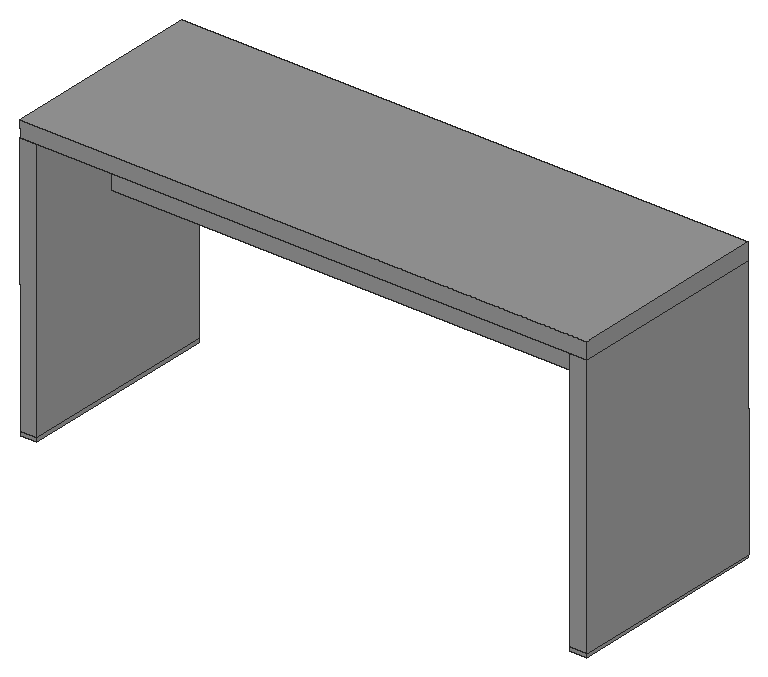
Revit family "Cocoon Community Table 30x84x42", category Generic Models, Revit 2018
Family settings
  Can host rebar = No
  Round Connector Dimension = Use Diameter
  Part Type = Normal
  Work Plane-Based = No
  Always vertical = Yes
  Cut with Voids When Loaded = No
  Shared = No
  Room Calculation Point = No
Parameters
  Frame = Cocoon Community Table 30x84x42 Frame
  Surface = Cocoon Community Table 30x84x42 Surface
Reference planes (in)
  plane 1 "Center (Front/Back)": y = 0
  plane 2: z = 0
  plane 3 "Center (Left/Right)": x = 0
Forms (in)
  Extrusion 1, solid, material "Cocoon Community Table 30x84x42 Frame" <- "Frame"
    sketch origin (0, 0, 0) x (1, 0, 0) y (0, 0, 1)
      loop
        line (-42, 0.5) -> (-42, 0) -> (-39.5, 0) -> (-39.5, 0.5) -> (-42, 0.5)
      loop
        line (42, 0.5) -> (39.5, 0.5) -> (39.5, 0) -> (42, 0) -> (42, 0.5)
    from -15 to 15
  Extrusion 2, solid, material "Cocoon Community Table 30x84x42 Surface" <- "Surface"
    sketch origin (0, 0, 13) x (1, 0, 0) y (0, 0, 1)
      loop
        line (-42, 29) -> (-42, 26.5) -> (42, 26.5) -> (42, 29) -> (-42, 29)
    from -15 to 15
  Extrusion 3, solid, material "Cocoon Community Table 30x84x42 Frame" <- "Frame"
    sketch origin (0, 0, 0) x (1, 0, 0) y (0, 0, 1)
      loop
        line (-42, 39.5) -> (-42, 0.5) -> (-39.5, 0.5) -> (-39.5, 39.5) -> (-42, 39.5)
      loop
        line (39.5, 39.5) -> (39.5, 0.5) -> (42, 0.5) -> (42, 39.5) -> (39.5, 39.5)
    from -15 to 15
  Extrusion 4, solid, material "Cocoon Community Table 30x84x42 Frame" <- "Frame"
    sketch origin (0, 0, 0) x (0, 1, 0) y (0, 0, 1)
      loop
        line (1.25, 39.5) -> (-1.25, 39.5) -> (-1.25, 27.5) -> (1.25, 27.5) -> (1.25, 39.5)
    from -39.5 to 39.5
Dimensions and locks (in)
  aligned and locked: plane 2 to level
